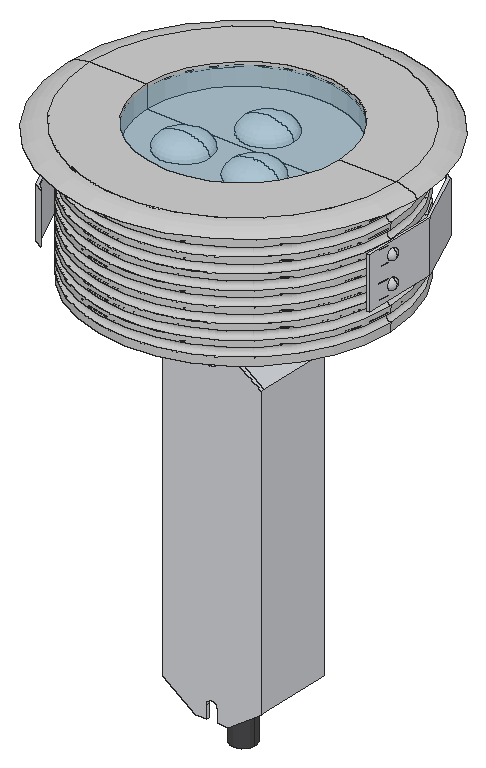
Revit family "SLIM INGROUND 6W ASIMETRICO_LKC0326WW", category Luminarias, Revit 2019
Family settings
  Cota de conector redondo = Diámetro de uso
  Tipo de pieza = Normal
  Se basa en plano de trabajo = Sí
  Siempre vertical = No
  Corte con vacíos al cargar = No
  Origen de luz = Sí
  Compartido = No
  Punto de cálculo de habitación = No
Parameters (values of type "EMP_LKC0326WW")
  Ángulo de inclinación = 30.00°
  Ángulo de enfoque = 35.00°
  Ángulo de campo de foco = 45.00°
  Zone [instance] = ""
  Watt per fixture = 6.2
  Wattage = 6.2 W
  built-in parameter 1150107 = 3000 (stored number, unit not read)
  built-in parameter 1150110 = 1 (stored number, unit not read)
  built-in parameter 1150109 = 1 (stored number, unit not read)
  built-in parameter 1150112 = 1 (stored number, unit not read)
  built-in parameter 1150113 = 1 (stored number, unit not read)
  built-in parameter 1114218 = 1 (stored number, unit not read)
  Keynote = ""
  built-in parameter 1150137 = (empty or 0)
  built-in parameter 1150132 = (empty or 0)
  Modelo = "LKC0326WW"
  Lámpara = "OSRAM"
  Longitud de símbolo de origen de luz = 500 mm
  built-in parameter 1150105 = 1359.5 (stored number, unit not read)
  built-in parameter 1150102 = (empty or 0)
  built-in parameter 1150106 = 13.595 (stored number, unit not read)
  Lumens = 387.996 lm
  Color Filter = 16777215
  built-in parameter 1114217 = 1 (stored number, unit not read)
  built-in parameter 1150139 = (empty or 0)
  Fabricante = "BRILLANT"
  Default Elevation = 0 mm
  built-in parameter 1150104 = 5.8139 (stored number, unit not read)
  Descripción = "LUMINARIA TIPO CIRCULAR PARA EMPOTRAR EN PISO CON CUERPO DE ALUMINIO FUNDIDO A PRESION CUBIERTO CON POLVO GRIS OSCURO, CON CUBIERTA DE ACERO INOXIDABLE Y VIDRIO TEMPLADO DE 8MM, CON 116MM DE DIAMETRO Y 38MM DE PROFUNDIDAD, INSTALACION EMPOTRABLE EN PISO CON POCO ESPACIO, USO PARA INTERIORES COMO EXTERIORES CON IP 67, CUENTA CON 3 LED TIPO OSRAM CON UNA POTENCIA TOTAL DE 6.2W, A UNA TEMPERATURA EN BLANCO CALIDO 3000K CON 388 LUMENES, 89mA EN CORRIENTE DE OPERACIÓN, IK08, IRC 80, DISPONIBLE PARA ATENUAR EN TRIAC, APERTURA ASIMETRICA POR PROYECTO, FUENTE REMOTA (INCLUIDA) CON 97MM DE LARGO POR 25MM DE ALTO POR 33MM DE ANCHO, ALIMENTADA A 100-240V."
  built-in parameter 1150115 = 1 (stored number, unit not read)
  built-in parameter 1150114 = 1 (stored number, unit not read)
  Comentarios de vataje = "100-240V"
  built-in parameter 1150138 = (empty or 0)
  built-in parameter 1150134 = (empty or 0)
  Circuit [instance] = ""
  Dimming Lamp Color Temperature Shift = (empty or 0)
  built-in parameter 1150133 = 10 (stored number, unit not read)
Reference planes
  plane 1 "Centro (Frontal/Posterior)": y = 0
  plane 2: z = 0
  plane 3 "Centro (Izquierda/Derecha)": x = 0
  plane 4: z = -38
  plane 5: z = -43
Forms (mm)
  Revolve 1, solid, material "Acero Inoxidable"
    sketch origin (0, 0, 0) x (1, 0, 0) y (0, 0, 1)
      loop
        line (-32.356, 2.379) -> (-51.186, 2.379)
        arc (-51.186, 2.379) -> (-54.974, 1.769) -> (-58.379, 0) r 12.065
        line (-58.379, 0) -> (-49.379, 0) -> (-49.379, -7.422)
        arc (-49.379, -7.422) -> (-47.881, -8.92) -> (-49.379, -10.419) r 1.499
        line (-49.379, -10.419) -> (-49.379, -12.422)
        arc (-49.379, -12.422) -> (-47.881, -13.92) -> (-49.379, -15.419) r 1.499
        line (-49.379, -15.419) -> (-49.379, -17.422)
        arc (-49.379, -17.422) -> (-47.881, -18.92) -> (-49.379, -20.419) r 1.499
        line (-49.379, -20.419) -> (-49.379, -22.422)
        arc (-49.379, -22.422) -> (-47.881, -23.92) -> (-49.379, -25.419) r 1.499
        line (-49.379, -25.419) -> (-49.379, -27.422)
        arc (-49.379, -27.422) -> (-47.881, -28.92) -> (-49.379, -30.419) r 1.499
        line (-49.379, -30.419) -> (-49.379, -32.422)
        arc (-49.379, -32.422) -> (-47.881, -33.92) -> (-49.379, -35.419) r 1.499
        line (-49.379, -35.419) -> (-49.379, -37.422)
        arc (-49.379, -37.422) -> (-47.881, -38.92) -> (-49.379, -40.419) r 1.499
        line (-49.379, -40.419) -> (-49.379, -43) -> (0, -43) -> (0, -5.045) -> (-32.356, -5.045) -> (-32.356, 2.379)
      axis (0, 2.379) -> (0, -43)
    angle from 0 to 360
  Extrusion 2, solid, material "Cristal"
    sketch origin (0, 0, 0) x (1, 0, 0) y (0, 1, 0)
      loop
        circle (0, 0) r 32.356
    from 0.921 to 1.499
  Revolve 3, solid
    sketch origin (93.878, -10.202, -77.173) x (-1, 0, 0) y (0, 0, 1)
      loop
        line (105.714, 77.128) -> (105.714, 72.128) -> (114.371, 72.128)
        spline (114.371, 72.128) -> (114.297, 72.781) -> (114.076, 73.422) -> (113.712, 74.042) -> (113.211, 74.628) -> (112.582, 75.172) -> (111.835, 75.664) -> (110.984, 76.095) -> (110.043, 76.458) -> (109.027, 76.748) -> (107.955, 76.958) -> (106.844, 77.085) -> (105.714, 77.128)
      axis (105.714, 72.128) -> (105.714, 77.128)
    angle from 0 to 360
  Revolve 4, solid
    sketch origin (-93.878, -10.202, -77.173) x (1, 0, 0) y (0, 0, 1)
      loop
        line (105.714, 77.128) -> (105.714, 72.128) -> (114.371, 72.128)
        spline (114.371, 72.128) -> (114.297, 72.781) -> (114.076, 73.422) -> (113.712, 74.042) -> (113.211, 74.628) -> (112.582, 75.172) -> (111.835, 75.664) -> (110.984, 76.095) -> (110.043, 76.458) -> (109.027, 76.748) -> (107.955, 76.958) -> (106.844, 77.085) -> (105.714, 77.128)
      axis (105.714, 72.128) -> (105.714, 77.128)
    angle from 0 to 360
  Revolve 5, solid
    sketch origin (-105.714, 10.202, -77.173) x (1, 0, 0) y (0, 0, -1)
      loop
        spline (105.714, -77.128) -> (106.844, -77.085) -> (107.955, -76.958) -> (109.027, -76.748) -> (110.043, -76.458) -> (110.984, -76.095) -> (111.835, -75.664) -> (112.582, -75.172) -> (113.211, -74.628) -> (113.712, -74.042) -> (114.076, -73.422) -> (114.297, -72.781) -> (114.371, -72.128)
        line (114.371, -72.128) -> (105.714, -72.128) -> (105.714, -77.128)
      axis (105.714, -72.128) -> (105.714, -77.128)
    angle from 0 to 360
  Extrusion 6, solid
    sketch origin (0, 0, 0) x (1, 0, 0) y (0, 1, 0)
      loop
        line (49.379, -10) -> (50.179, -10) -> (50.179, 15.17) -> (41.455, 34.765) -> (38.597, 36.492) -> (40.785, 34.304) -> (49.379, 15) -> (49.379, -10)
      loop
        line (-49.379, 10) -> (-50.179, 10) -> (-50.179, -15.17) -> (-41.455, -34.765) -> (-38.597, -36.492) -> (-40.785, -34.304) -> (-49.379, -15) -> (-49.379, 10)
    from -32.422 to -15.419
  Revolve 7, solid
    sketch origin (-21.949, -0.827, -124.707) x (0, 0, 1) y (-1, 0, 0)
      loop
        arc (105.714, -73.907) -> (106.972, -73.386) -> (107.494, -72.128) r 1.779
        line (107.494, -72.128) -> (105.714, -72.128) -> (105.714, -73.907)
      axis (105.714, -72.128) -> (105.714, -73.907)
    angle from 0 to 360
  Revolve 8, solid
    sketch origin (-21.949, -0.827, -133.613) x (0, 0, 1) y (-1, 0, 0)
      loop
        arc (105.714, -73.907) -> (106.972, -73.386) -> (107.494, -72.128) r 1.779
        line (107.494, -72.128) -> (105.714, -72.128) -> (105.714, -73.907)
      axis (105.714, -72.128) -> (105.714, -73.907)
    angle from 0 to 360
  Revolve 9, solid
    sketch origin (21.949, -0.827, -124.707) x (0, 0, 1) y (-1, 0, 0)
      loop
        line (105.714, 73.907) -> (105.714, 72.128) -> (107.494, 72.128)
        arc (107.494, 72.128) -> (106.972, 73.386) -> (105.714, 73.907) r 1.779
      axis (105.714, 72.128) -> (105.714, 73.907)
    angle from 0 to 360
  Revolve 10, solid
    sketch origin (21.949, -0.827, -133.613) x (0, 0, 1) y (-1, 0, 0)
      loop
        line (105.714, 73.907) -> (105.714, 72.128) -> (107.494, 72.128)
        arc (107.494, 72.128) -> (106.972, 73.386) -> (105.714, 73.907) r 1.779
      axis (105.714, 72.128) -> (105.714, 73.907)
    angle from 0 to 360
  Extrusion 11, solid
    sketch origin (0, 0, 0) x (1, 0, 0) y (0, 1, 0)
      loop
        line (-16.5, 12.961) -> (-16.5, -12.039) -> (16.5, -12.039) -> (16.5, 12.961) -> (-16.5, 12.961)
    from -163.604 to -66.792
  Extrusion 12, solid, material "Plastico"
    sketch origin (0, 0, 0) x (1, 0, 0) y (0, 1, 0)
      loop
        circle (0, 0) r 3.943
    from -66.792 to -43
  Extrusion 13, solid, material "Plastico"
    sketch origin (0, 0, 0) x (1, 0, 0) y (0, 1, 0)
      loop
        circle (0, 0) r 3.943
    from -183.076 to -163.604
  Extrusion 14, solid
    sketch origin (0, 0, 0) x (1, 0, 0) y (0, 1, 0)
      loop
        line (0, 5) -> (-4.33, 2.5) -> (-4.33, -2.5) -> (0, -5) -> (4.33, -2.5) -> (4.33, 2.5) -> (0, 5)
    from -167.291 to -64.236
  Extrusion 15, solid
    sketch origin (0, 0, 0) x (1, 0, 0) y (0, 0, 1)
      loop
        line (-16.5, -66.792) -> (-16.5, -163.604) -> (-5.388, -171.384) -> (-1.803, -171.384) -> (-1.803, -167.031)
        arc (-1.803, -167.031) -> (0, -165.228) -> (1.803, -167.031) r 1.803
        line (1.803, -167.031) -> (1.803, -171.384) -> (5.388, -171.384) -> (16.5, -163.604) -> (16.5, -66.792) -> (5.388, -59.012) -> (1.803, -59.012) -> (1.803, -63.365)
        arc (1.803, -63.365) -> (0, -65.168) -> (-1.803, -63.365) r 1.803
        line (-1.803, -63.365) -> (-1.803, -59.012) -> (-5.388, -59.012) -> (-16.5, -66.792)
    from 12.039 to 13.095
Cuts and joins
  joined: Extrusion 11, Extrusion 15
Dimensions and locks
  plane 2 to plane 5 = 43 mm
  Revolve 1 sketch curve to Revolve 1 sketch curve = 58.379 mm
  Extrusion 11 to Extrusion 11 = 96.811 mm
  Extrusion 11 to Extrusion 11 = 33 mm
  aligned and locked: level to plane 2
Connectors
  electrical at (0, 0, -183.076)
    settings: on Extrusion 13, index 1, voltage 240 V, apparent load 0 VA, apparent load phase1 0 VA, apparent load phase2 0 VA, apparent load phase3 0 VA, power factor 1, load classification "Otro", number of poles 1, system type 31, power factor state 1, is connector primary yes, connector utility no, sub classification motor no, connector description ""
